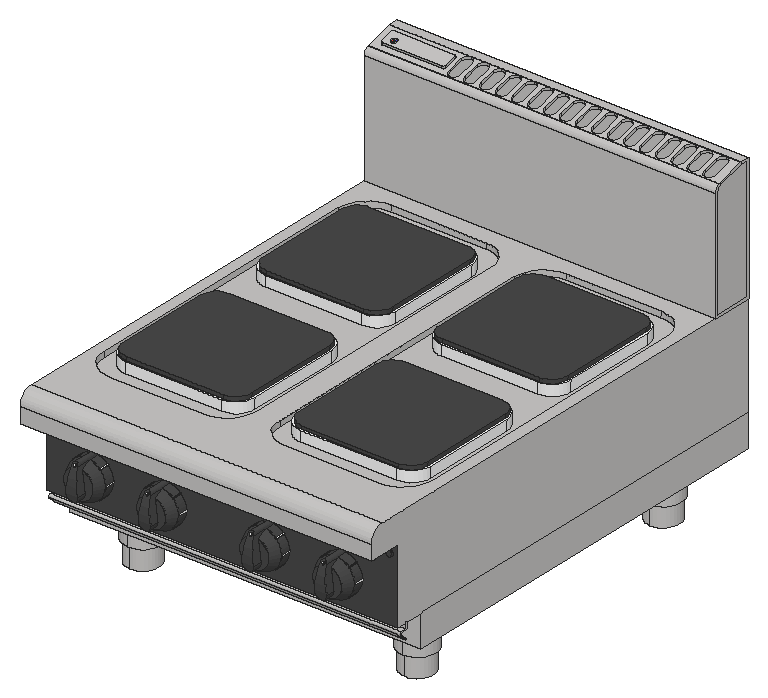
Revit family "QF_Moffat_RNB8400SE-B_Electric_Cooktops_Sealed_Hobs_cat", category Specialty Equipment, Revit 2019 (continued)
Definition of nested family "High and Low Option"
  Automatic sketch dimensions
    Extrusion 3 sketch curve to Extrusion 3 sketch curve = 187.855 mm
    Extrusion 3 sketch curve to Extrusion 3 sketch curve = 20.745 mm
    Extrusion 3 sketch curve to Extrusion 3 sketch curve = 2.306 mm
    Extrusion 3 sketch curve to Extrusion 3 sketch curve = 0.028 mm
    Extrusion 3 sketch curve to Extrusion 3 sketch curve = 0.105 mm
    Extrusion 9 sketch curve to Extrusion 9 sketch curve = 8.8 mm
    Extrusion 9 sketch curve to Extrusion 9 sketch curve = 43 mm
    Extrusion 9 sketch curve to Extrusion 9 sketch curve = 63.6 mm
    Extrusion 9 sketch curve to Extrusion 9 sketch curve = 20.745 mm
    Extrusion 9 sketch curve to Extrusion 9 sketch curve = 187.855 mm
    Extrusion 9 sketch curve to Extrusion 9 sketch curve = 2.306 mm
    Extrusion 9 sketch curve to Extrusion 9 sketch curve = 0.028 mm
    Extrusion 9 sketch curve to Extrusion 9 sketch curve = 0.105 mm
    Extrusion 8 sketch curve to Extrusion 8 sketch curve = 8.8 mm
    Extrusion 8 sketch curve to Extrusion 8 sketch curve = 43 mm
    Extrusion 8 sketch curve to Extrusion 8 sketch curve = 63.6 mm
    Extrusion 8 sketch curve to Extrusion 8 sketch curve = 187.855 mm
    Extrusion 8 sketch curve to Extrusion 8 sketch curve = 20.745 mm
    Extrusion 8 sketch curve to Extrusion 8 sketch curve = 2.306 mm
    Extrusion 8 sketch curve to Extrusion 8 sketch curve = 0.028 mm
    Extrusion 8 sketch curve to Extrusion 8 sketch curve = 0.105 mm
    Extrusion 1 sketch curve to Extrusion 1 sketch curve = 15 mm
    Extrusion 1 sketch curve to Extrusion 1 sketch curve = 55 mm  (x2)
    Extrusion 1 sketch curve to Extrusion 1 sketch curve = 40 mm
    Extrusion 6 sketch curve to Extrusion 6 sketch curve = 15 mm
    Extrusion 6 sketch curve to Extrusion 6 sketch curve = 55 mm  (x2)
    Extrusion 6 sketch curve to Extrusion 6 sketch curve = 40 mm
  Nested families
    nested 1: "QF_LOGO_Waldorf" at (32, -70, 923.25), visible <- "Show Logo 1", type "QF_LOGO_Waldorf"
    nested 2: "QF_LOGO_Waldorf1" at (12.5, -38.053, 1110.468), visible <- "Show Logo 2", type "QF_LOGO_Waldorf1"
    nested 3: "QF_LOGO_Waldorf" at (32, -70, 923.25), visible <- "Show Logo 1", type "QF_LOGO_Waldorf", not visible
    nested 4: "QF_LOGO_Waldorf1" at (12.5, -38.053, 1110.468), visible <- "Show Logo 2", type "QF_LOGO_Waldorf1", not visible
  Definition of nested family "QF_LOGO_Waldorf"
    Parameters (values of type "QF_LOGO_Waldorf")
      Weight in Pounds = 0
      URL Cutsheet = ""
      Specification by User = ""
      Specification by Manufacturer = ""
      Serial Number = ""
      Seismic Rating = ""
      SMACNA No = ""
      Revision Code = ""
      NAFEM Spec ID Number = ""
      Masterspec = ""
      Length = 138 mm
      Item Number = ""
      Installed By = ""
      Identify Quantity as Lot = yes
      Height = 26.711 mm
      Furnished By = ""
      Foodservice Equipment Identifier = yes
      Depth = 3.175 mm
      CSI MasterFormat = ""
    Reference planes
      plane 1 "BACK": y = 0
      plane 2: z = 0
      plane 3 "LEFT": x = 0
      plane 4 "RIGHT": x = 138
      plane 5 "FRONT": y = -3.175
      plane 6 "TOP": z = 26.711
      plane 7 "Center Y": x = 69
      plane 8 "Center X": y = -1.587
    Forms (mm)
      Extrusion 1, solid
        sketch origin (0, 0, 0) x (1, 0, 0) y (0, 0, 1)
          loop
            line (109, 3.464) -> (109, 23.247)
            spline (109, 23.247) -> (108.966, 23.699) -> (108.864, 24.143) -> (108.696, 24.572) -> (108.464, 24.979) -> (108.173, 25.355) -> (107.828, 25.696) -> (107.435, 25.995) -> (107, 26.247) -> (106.531, 26.447) -> (106.035, 26.593) -> (105.522, 26.681) -> (105, 26.711)
            line (105, 26.711) -> (4, 26.711)
            spline (4, 26.711) -> (3.478, 26.681) -> (2.965, 26.593) -> (2.469, 26.447) -> (2, 26.247) -> (1.565, 25.995) -> (1.172, 25.696) -> (0.827, 25.355) -> (0.536, 24.979) -> (0.304, 24.572) -> (0.136, 24.143) -> (0.034, 23.699) -> (0, 23.247)
            line (0, 23.247) -> (0, 3.464)
            spline (0, 3.464) -> (0.034, 3.012) -> (0.136, 2.568) -> (0.304, 2.138) -> (0.536, 1.732) -> (0.827, 1.355) -> (1.172, 1.015) -> (1.565, 0.716) -> (2, 0.464) -> (2.469, 0.264) -> (2.965, 0.118) -> (3.478, 0.03) -> (4, 0)
            line (4, 0) -> (105, 0)
            spline (105, 0) -> (105.522, 0.03) -> (106.035, 0.118) -> (106.531, 0.264) -> (107, 0.464) -> (107.435, 0.716) -> (107.828, 1.015) -> (108.173, 1.355) -> (108.464, 1.732) -> (108.696, 2.138) -> (108.864, 2.568) -> (108.966, 3.012) -> (109, 3.464)
          loop
            line (14.75, 7.005) -> (14.75, 15.654)
            arc (14.75, 15.654) -> (10.425, 11.329) -> (14.75, 7.005) r 4.325
          loop
            line (15.25, 15.654) -> (15.25, 7.005)
            arc (15.25, 7.005) -> (19.575, 11.329) -> (15.25, 15.654) r 4.325
        from 0 to 3.2
      Extrusion 2, solid
        sketch origin (0, 0, 0) x (1, 0, 0) y (0, 0, 1)
          loop
            line (15.25, 15.654) -> (15.25, 7.005)
            arc (15.25, 7.005) -> (19.575, 11.329) -> (15.25, 15.654) r 4.325
        from 0 to 3.2
      Extrusion 3, solid
        sketch origin (16.271, 0, 0) x (-1, 0, 0) y (0, 0, -1)
          loop
            arc (1.521, -15.654) -> (5.846, -11.329) -> (1.521, -7.005) r 4.325
            line (1.521, -7.005) -> (1.521, -15.654)
        from 0 to 3.2
    Lines and regions (mm)
      Split face 1
        outline origin (0, -3.2, 0) x (1, 0, 0) y (0, 0, 1)
          loop
            spline (22.129, 16.975) -> (22.389, 15.984) -> (22.649, 15.002) -> (22.91, 14.028) -> (23.172, 13.065) -> (23.433, 12.11) -> (23.695, 11.166) -> (23.956, 10.232) -> (24.218, 9.308) -> (24.479, 8.396) -> (24.74, 7.495) -> (25, 6.605) -> (25.26, 5.728)
            line (25.26, 5.728) -> (29.463, 5.728)
            spline (29.463, 5.728) -> (29.582, 6.252) -> (29.701, 6.78) -> (29.82, 7.313) -> (29.939, 7.85) -> (30.058, 8.391) -> (30.178, 8.936) -> (30.297, 9.485) -> (30.416, 10.038) -> (30.536, 10.594) -> (30.655, 11.155) -> (30.775, 11.719) -> (30.894, 12.287)
            spline (30.894, 12.287) -> (31.018, 11.719) -> (31.142, 11.155) -> (31.266, 10.594) -> (31.39, 10.038) -> (31.514, 9.485) -> (31.638, 8.936) -> (31.762, 8.391) -> (31.885, 7.85) -> (32.009, 7.313) -> (32.133, 6.78) -> (32.256, 6.252) -> (32.379, 5.728)
            line (32.379, 5.728) -> (36.51, 5.728)
            spline (36.51, 5.728) -> (36.766, 6.605) -> (37.023, 7.495) -> (37.28, 8.396) -> (37.538, 9.308) -> (37.795, 10.232) -> (38.053, 11.166) -> (38.311, 12.11) -> (38.569, 13.065) -> (38.826, 14.028) -> (39.083, 15.002) -> (39.34, 15.984) -> (39.597, 16.975)
            line (39.597, 16.975) -> (35.637, 16.975)
            spline (35.637, 16.975) -> (35.523, 16.334) -> (35.41, 15.697) -> (35.296, 15.063) -> (35.182, 14.433) -> (35.068, 13.807) -> (34.954, 13.185) -> (34.84, 12.566) -> (34.726, 11.952) -> (34.612, 11.342) -> (34.497, 10.737) -> (34.383, 10.135) -> (34.269, 9.538)
            spline (34.269, 9.538) -> (34.138, 10.135) -> (34.008, 10.737) -> (33.877, 11.342) -> (33.746, 11.952) -> (33.616, 12.566) -> (33.485, 13.185) -> (33.354, 13.807) -> (33.224, 14.433) -> (33.093, 15.063) -> (32.963, 15.697) -> (32.833, 16.334) -> (32.703, 16.975)
            line (32.703, 16.975) -> (29.247, 16.975)
            spline (29.247, 16.975) -> (29.111, 16.334) -> (28.974, 15.697) -> (28.837, 15.063) -> (28.7, 14.433) -> (28.562, 13.807) -> (28.425, 13.185) -> (28.288, 12.566) -> (28.15, 11.952) -> (28.013, 11.342) -> (27.875, 10.737) -> (27.738, 10.135) -> (27.6, 9.538)
            spline (27.6, 9.538) -> (27.483, 10.135) -> (27.366, 10.737) -> (27.249, 11.342) -> (27.132, 11.952) -> (27.015, 12.566) -> (26.897, 13.185) -> (26.78, 13.807) -> (26.663, 14.433) -> (26.546, 15.063) -> (26.43, 15.697) -> (26.313, 16.334) -> (26.196, 16.975)
            line (26.196, 16.975) -> (22.129, 16.975)
      Split face 2
        outline origin (0, -3.2, 0) x (1, 0, 0) y (0, 0, 1)
          loop
            line (51.449, 5.728) -> (51.035, 6.606) -> (51.035, 11.169)
            spline (51.035, 11.169) -> (50.686, 12.42) -> (50.176, 13.224) -> (49.51, 13.708) -> (48.693, 13.995) -> (47.747, 14.152) -> (46.698, 14.207) -> (45.579, 14.186) -> (44.419, 14.114) -> (43.279, 13.929) -> (42.249, 13.481) -> (41.424, 12.614) -> (40.897, 11.169)
            line (40.897, 11.169) -> (44.617, 11.169) -> (44.988, 11.965)
            spline (44.988, 11.965) -> (47.294, 11.682) -> (46.856, 10.932) -> (45.527, 10.609) -> (43.858, 10.439) -> (42.259, 10.123) -> (41.078, 9.417) -> (40.563, 8.246) -> (40.689, 6.989) -> (41.407, 6.052) -> (42.774, 5.536) -> (44.847, 5.497) -> (47.306, 6.602)
            line (47.306, 6.602) -> (47.624, 5.728) -> (51.449, 5.728)
      Split face 3
        outline origin (0, -3.2, 0) x (1, 0, 0) y (0, 0, 1)
          loop
            line (47.264, 9.264) -> (44.938, 8.597)
            spline (44.938, 8.597) -> (44.508, 8.228) -> (44.402, 7.9) -> (44.548, 7.626) -> (44.877, 7.42) -> (45.317, 7.295) -> (45.797, 7.265) -> (46.252, 7.342) -> (46.65, 7.525) -> (46.971, 7.813) -> (47.194, 8.201) -> (47.298, 8.685) -> (47.264, 9.264)
      Split face 4
        outline origin (0, -3.2, 0) x (1, 0, 0) y (0, 0, 1)
          loop
            line (53.33, 16.975) -> (53.33, 5.728) -> (57.173, 5.728) -> (57.173, 16.975) -> (53.33, 16.975)
      Split face 5
        outline origin (0, -3.2, 0) x (1, 0, 0) y (0, 0, 1)
          loop
            line (65.795, 16.975) -> (65.795, 12.976)
            spline (65.795, 12.976) -> (63.839, 14.082) -> (62.087, 14.096) -> (60.633, 13.343) -> (59.574, 12.148) -> (58.99, 10.806) -> (58.867, 9.452) -> (59.156, 8.159) -> (59.81, 7) -> (60.786, 6.056) -> (62.111, 5.514) -> (63.868, 5.634) -> (66.137, 6.679)
            line (66.137, 6.679) -> (66.137, 5.728) -> (69.511, 5.728) -> (69.511, 16.975) -> (65.795, 16.975)
      Split face 6
        outline origin (0, -3.2, 0) x (1, 0, 0) y (0, 0, 1)
          loop
            spline (64.273, 7.499) -> (64.754, 7.57) -> (65.202, 7.777) -> (65.587, 8.106) -> (65.882, 8.535) -> (66.067, 9.034) -> (66.131, 9.57) -> (66.067, 10.106) -> (65.882, 10.605) -> (65.587, 11.034) -> (65.202, 11.363) -> (64.754, 11.57) -> (64.273, 11.64)
            spline (64.273, 11.64) -> (63.793, 11.57) -> (63.345, 11.363) -> (62.96, 11.034) -> (62.665, 10.605) -> (62.479, 10.106) -> (62.416, 9.57) -> (62.479, 9.034) -> (62.665, 8.535) -> (62.96, 8.106) -> (63.345, 7.777) -> (63.793, 7.57) -> (64.273, 7.499)
      Split face 7
        outline origin (0, -3.2, 0) x (1, 0, 0) y (0, 0, 1)
          loop
            spline (76.449, 5.305) -> (77.855, 5.457) -> (79.166, 5.901) -> (80.291, 6.607) -> (81.155, 7.527) -> (81.698, 8.599) -> (81.883, 9.749) -> (81.698, 10.899) -> (81.155, 11.97) -> (80.291, 12.891) -> (79.166, 13.597) -> (77.855, 14.041) -> (76.449, 14.192)
            spline (76.449, 14.192) -> (75.042, 14.041) -> (73.731, 13.597) -> (72.606, 12.891) -> (71.742, 11.97) -> (71.199, 10.899) -> (71.014, 9.749) -> (71.199, 8.599) -> (71.742, 7.527) -> (72.606, 6.607) -> (73.731, 5.901) -> (75.042, 5.457) -> (76.449, 5.305)
      Split face 8
        outline origin (0, -3.2, 0) x (1, 0, 0) y (0, 0, 1)
          loop
            spline (76.449, 7.654) -> (76.841, 7.725) -> (77.206, 7.934) -> (77.52, 8.267) -> (77.76, 8.701) -> (77.912, 9.206) -> (77.963, 9.749) -> (77.912, 10.291) -> (77.76, 10.796) -> (77.52, 11.23) -> (77.206, 11.563) -> (76.841, 11.772) -> (76.449, 11.843)
            spline (76.449, 11.843) -> (76.057, 11.772) -> (75.691, 11.563) -> (75.378, 11.23) -> (75.137, 10.796) -> (74.986, 10.291) -> (74.934, 9.749) -> (74.986, 9.206) -> (75.137, 8.701) -> (75.378, 8.267) -> (75.691, 7.934) -> (76.057, 7.725) -> (76.449, 7.654)
      Split face 9
        outline origin (0, -3.2, 0) x (1, 0, 0) y (0, 0, 1)
          loop
            line (86.998, 12.335) -> (86.998, 13.879) -> (83.479, 13.879) -> (83.479, 5.728) -> (87.312, 5.728) -> (87.312, 8.975)
            spline (87.312, 8.975) -> (87.364, 9.356) -> (87.458, 9.686) -> (87.594, 9.968) -> (87.769, 10.204) -> (87.982, 10.398) -> (88.229, 10.55) -> (88.509, 10.666) -> (88.82, 10.746) -> (89.16, 10.794) -> (89.525, 10.812) -> (89.915, 10.803) -> (90.327, 10.77)
            line (90.327, 10.77) -> (90.327, 14.113)
            spline (90.327, 14.113) -> (89.929, 14.127) -> (89.552, 14.111) -> (89.197, 14.066) -> (88.865, 13.991) -> (88.554, 13.887) -> (88.266, 13.754) -> (87.999, 13.591) -> (87.755, 13.399) -> (87.532, 13.177) -> (87.332, 12.926) -> (87.154, 12.645) -> (86.998, 12.335)
      Split face 10
        outline origin (0, -3.2, 0) x (1, 0, 0) y (0, 0, 1)
          loop
            line (92.082, 13.879) -> (90.894, 13.879) -> (90.894, 11.972) -> (92.082, 11.972) -> (92.082, 5.728) -> (95.871, 5.728) -> (95.871, 11.972) -> (97.5, 11.972) -> (97.5, 13.879) -> (95.871, 13.879)
            spline (95.871, 13.879) -> (95.843, 14.088) -> (95.845, 14.278) -> (95.877, 14.447) -> (95.939, 14.596) -> (96.03, 14.726) -> (96.151, 14.835) -> (96.301, 14.925) -> (96.482, 14.995) -> (96.692, 15.045) -> (96.931, 15.075) -> (97.201, 15.085) -> (97.5, 15.076)
            line (97.5, 15.076) -> (97.5, 17.266) -> (95.367, 17.266)
            spline (95.367, 17.266) -> (94.982, 17.253) -> (94.58, 17.21) -> (94.174, 17.132) -> (93.774, 17.013) -> (93.39, 16.846) -> (93.034, 16.627) -> (92.717, 16.349) -> (92.448, 16.007) -> (92.24, 15.595) -> (92.102, 15.106) -> (92.046, 14.537) -> (92.082, 13.879)
    Dimensions and locks
      equal spacing: plane 3 "LEFT", plane 7 "Center Y", plane 4 "RIGHT"
      "Length": plane 3 "LEFT" to plane 4 "RIGHT"
      equal spacing: plane 5 "FRONT", plane 8 "Center X", plane 1 "BACK"
      "Depth": plane 5 "FRONT" to plane 1 "BACK"
      "Height": plane 6 "TOP" to level
      plane 4 "RIGHT" to plane 3 "LEFT" = 138 mm
      aligned and locked: level to plane 2
    Automatic sketch dimensions
      Extrusion 1 sketch curve to plane 3 "LEFT" = 0 mm
      Extrusion 1 sketch curve to plane 6 "TOP" = 0 mm
      Extrusion 1 sketch curve to level = 0 mm
      plane 3 "LEFT" to Extrusion 1 sketch curve = 4 mm  (x2)
      Extrusion 1 sketch curve to Extrusion 1 sketch curve = 10.75 mm
      Extrusion 1 sketch curve to Extrusion 1 sketch curve = 0.5 mm
      plane 4 "RIGHT" to Extrusion 1 sketch curve = 33 mm
      Extrusion 1 sketch curve to Extrusion 1 sketch curve = 0 mm  (x3)
      Extrusion 1 sketch curve to Extrusion 1 sketch curve = 4 mm
      level to Extrusion 1 sketch curve = 3.464 mm  (x2)
      level to Extrusion 1 sketch curve = 7.005 mm
      Extrusion 1 sketch curve to Extrusion 1 sketch curve = 4.325 mm
      Extrusion 1 sketch curve to plane 6 "TOP" = 3.464 mm  (x2)
      Extrusion 2 sketch curve to Extrusion 2 sketch curve = 4.325 mm
      level to Extrusion 2 sketch curve = 7.005 mm
      plane 3 "LEFT" to Extrusion 2 sketch curve = 15.25 mm
      Extrusion 3 sketch curve to Extrusion 3 sketch curve = 4.325 mm
      Extrusion 3 sketch curve to level = 7.005 mm
      Extrusion 3 sketch curve to plane 3 "LEFT" = 14.75 mm
      Extrusion 1 to Split face 1 sketch curve = 6.879 mm
      Split face 1 sketch curve to Extrusion 1 = 5.728 mm
      Split face 1 sketch curve to Split face 1 sketch curve = 3.132 mm
      Split face 1 sketch curve to Split face 1 sketch curve = 4.068 mm
      Split face 1 sketch curve to Split face 1 sketch curve = 3.051 mm
      Split face 1 sketch curve to Split face 1 sketch curve = 4.203 mm
      Split face 1 sketch curve to Split face 1 sketch curve = 2.916 mm
      Split face 1 sketch curve to Split face 1 sketch curve = 3.456 mm
      Split face 1 sketch curve to Split face 1 sketch curve = 2.934 mm
      Split face 1 sketch curve to Split face 1 sketch curve = 4.131 mm
      Split face 1 sketch curve to Split face 1 sketch curve = 3.96 mm
      Split face 1 sketch curve to Split face 1 sketch curve = 0 mm  (x2)
      Split face 1 sketch curve to Extrusion 1 = 9.736 mm  (x2)
      Extrusion 1 to Split face 1 sketch curve = 6.337 mm
      Extrusion 1 to Split face 1 sketch curve = 6.231 mm
      Extrusion 1 to Split face 1 sketch curve = 3.184 mm
      Extrusion 1 to Split face 1 sketch curve = 13.135 mm
      Split face 1 sketch curve to Split face 1 sketch curve = 4.652 mm
      Split face 1 sketch curve to Split face 1 sketch curve = 3.593 mm
      Split face 1 sketch curve to Split face 1 sketch curve = 1.863 mm
      Split face 1 sketch curve to Split face 1 sketch curve = 0.713 mm
      Split face 1 sketch curve to Split face 1 sketch curve = 2.684 mm
      Split face 1 sketch curve to Split face 1 sketch curve = 3.294 mm
      Split face 1 sketch curve to Split face 1 sketch curve = 0.459 mm
      Split face 1 sketch curve to Split face 1 sketch curve = 2.775 mm
      Split face 1 sketch curve to Split face 1 sketch curve = 1.89 mm
      Split face 1 sketch curve to Split face 1 sketch curve = 0.685 mm
      Split face 1 sketch curve to Split face 1 sketch curve = 9.486 mm
      Split face 1 sketch curve to Split face 1 sketch curve = 16.213 mm
      Split face 1 sketch curve to Split face 1 sketch curve = 3.48 mm
      Split face 1 sketch curve to Split face 1 sketch curve = 4.918 mm
      Split face 1 sketch curve to Split face 1 sketch curve = 7.609 mm
      Split face 1 sketch curve to Split face 1 sketch curve = 0.01 mm  (x2)
      Split face 1 sketch curve to Split face 1 sketch curve = 0.002 mm
      Split face 2 sketch curve to Extrusion 1 = 11.169 mm
      Extrusion 1 to Split face 2 sketch curve = 25.647 mm
      Split face 2 sketch curve to Split face 2 sketch curve = 3.72 mm
      Split face 2 sketch curve to Extrusion 1 = 11.965 mm
      Split face 2 sketch curve to Split face 2 sketch curve = 0.371 mm
      Split face 2 sketch curve to Extrusion 1 = 6.602 mm
      Split face 2 sketch curve to Split face 2 sketch curve = 2.689 mm
      Split face 2 sketch curve to Split face 2 sketch curve = 0.318 mm
      Split face 2 sketch curve to Split face 2 sketch curve = 3.729 mm
      Split face 2 sketch curve to Split face 2 sketch curve = 0.414 mm
      Split face 2 sketch curve to Split face 2 sketch curve = 0.875 mm
      Split face 2 sketch curve to Split face 2 sketch curve = 0.878 mm
      Split face 3 sketch curve to Extrusion 1 = 8.597 mm
      Extrusion 1 to Split face 3 sketch curve = 29.688 mm
      Split face 3 sketch curve to Extrusion 1 = 9.264 mm
      Split face 3 sketch curve to Split face 3 sketch curve = 2.326 mm
      Split face 4 sketch curve to Extrusion 1 = 5.728 mm
      Extrusion 1 to Split face 4 sketch curve = 38.08 mm
      Split face 4 sketch curve to Split face 4 sketch curve = 3.843 mm
      Split face 4 sketch curve to Extrusion 1 = 9.736 mm
      Split face 5 sketch curve to Extrusion 1 = 12.976 mm
      Split face 5 sketch curve to Extrusion 1 = 43.205 mm
      Split face 5 sketch curve to Extrusion 1 = 6.679 mm
      Split face 5 sketch curve to Split face 5 sketch curve = 0.342 mm
      Split face 5 sketch curve to Split face 5 sketch curve = 3.375 mm
      Split face 5 sketch curve to Split face 5 sketch curve = 0.952 mm
      Split face 5 sketch curve to Split face 5 sketch curve = 3.998 mm
      Split face 6 sketch curve to Extrusion 1 = 7.499 mm
      Split face 6 sketch curve to Extrusion 1 = 44.727 mm
      Split face 6 sketch curve to Split face 6 sketch curve = 2.07 mm
      Split face 7 sketch curve to Extrusion 1 = 5.305 mm
      Split face 7 sketch curve to Extrusion 1 = 32.551 mm
      Split face 7 sketch curve to Split face 7 sketch curve = 4.443 mm
      Split face 8 sketch curve to Split face 8 sketch curve = 2.095 mm
      Split face 8 sketch curve to Extrusion 1 = 7.654 mm
      Split face 8 sketch curve to Extrusion 1 = 32.551 mm
      Split face 9 sketch curve to Extrusion 1 = 5.728 mm
      Split face 9 sketch curve to Extrusion 1 = 25.521 mm
      Split face 9 sketch curve to Split face 9 sketch curve = 3.519 mm
      Split face 9 sketch curve to Split face 9 sketch curve = 0.315 mm
      Split face 9 sketch curve to Split face 9 sketch curve = 3.33 mm
      Split face 9 sketch curve to Split face 9 sketch curve = 3.248 mm
      Split face 9 sketch curve to Split face 9 sketch curve = 1.795 mm
      Split face 9 sketch curve to Split face 9 sketch curve = 3.36 mm
      Split face 9 sketch curve to Split face 9 sketch curve = 1.545 mm
      Split face 9 sketch curve to Split face 9 sketch curve = 0.233 mm
      Split face 10 sketch curve to Extrusion 1 = 18.106 mm
      Split face 10 sketch curve to Split face 10 sketch curve = 1.188 mm  (x2)
      Split face 10 sketch curve to Split face 10 sketch curve = 3.285 mm
      Split face 10 sketch curve to Split face 10 sketch curve = 3.789 mm
      Split face 10 sketch curve to Split face 10 sketch curve = 0 mm  (x2)
      Split face 10 sketch curve to Split face 10 sketch curve = 1.629 mm
      Split face 10 sketch curve to Split face 10 sketch curve = 2.133 mm
      Split face 10 sketch curve to Extrusion 1 = 5.728 mm
      Split face 10 sketch curve to Split face 10 sketch curve = 6.245 mm
      Split face 10 sketch curve to Split face 10 sketch curve = 1.907 mm  (x2)
      Split face 10 sketch curve to Split face 10 sketch curve = 1.197 mm
      Split face 10 sketch curve to Split face 10 sketch curve = 2.19 mm
  Definition of nested family "QF_LOGO_Waldorf1"
    Parameters (values of type "QF_LOGO_Waldorf1")
      Weight in Pounds = 0
      URL Cutsheet = ""
      Specification by User = ""
      Specification by Manufacturer = ""
      Serial Number = ""
      Seismic Rating = ""
      SMACNA No = ""
      Revision Code = ""
      NAFEM Spec ID Number = ""
      Masterspec = ""
      Length = 138 mm
      Item Number = ""
      Installed By = ""
      Identify Quantity as Lot = yes
      Height = 26.711 mm
      Furnished By = ""
      Foodservice Equipment Identifier = yes
      Depth = 3.175 mm
      CSI MasterFormat = ""
    Reference planes
      plane 1 "BACK": y = 0
      plane 2: z = 0
      plane 3 "LEFT": x = 0
      plane 4 "RIGHT": x = 138
      plane 5 "FRONT": y = -3.175
      plane 6 "TOP": z = 26.711
      plane 7 "Center Y": x = 69
      plane 8 "Center X": y = -1.587
    Forms (mm)
      Extrusion 1, solid
        sketch origin (0, -12.9, 9.899) x (1, 0, 0) y (0, 0.965926, 0.258819)
          loop
            line (109, 3.464) -> (109, 23.247)
            spline (109, 23.247) -> (108.966, 23.699) -> (108.864, 24.143) -> (108.696, 24.572) -> (108.464, 24.979) -> (108.173, 25.355) -> (107.828, 25.696) -> (107.435, 25.995) -> (107, 26.247) -> (106.531, 26.447) -> (106.035, 26.593) -> (105.522, 26.681) -> (105, 26.711)
            line (105, 26.711) -> (4, 26.711)
            spline (4, 26.711) -> (3.478, 26.681) -> (2.965, 26.593) -> (2.469, 26.447) -> (2, 26.247) -> (1.565, 25.995) -> (1.172, 25.696) -> (0.827, 25.355) -> (0.536, 24.979) -> (0.304, 24.572) -> (0.136, 24.143) -> (0.034, 23.699) -> (0, 23.247)
            line (0, 23.247) -> (0, 3.464)
            spline (0, 3.464) -> (0.034, 3.012) -> (0.136, 2.568) -> (0.304, 2.138) -> (0.536, 1.732) -> (0.827, 1.355) -> (1.172, 1.015) -> (1.565, 0.716) -> (2, 0.464) -> (2.469, 0.264) -> (2.965, 0.118) -> (3.478, 0.03) -> (4, 0)
            line (4, 0) -> (105, 0)
            spline (105, 0) -> (105.522, 0.03) -> (106.035, 0.118) -> (106.531, 0.264) -> (107, 0.464) -> (107.435, 0.716) -> (107.828, 1.015) -> (108.173, 1.355) -> (108.464, 1.732) -> (108.696, 2.138) -> (108.864, 2.568) -> (108.966, 3.012) -> (109, 3.464)
          loop
            line (14.75, 7.005) -> (14.75, 15.654)
            arc (14.75, 15.654) -> (10.425, 11.329) -> (14.75, 7.005) r 4.325
          loop
            line (15.25, 15.654) -> (15.25, 7.005)
            arc (15.25, 7.005) -> (19.575, 11.329) -> (15.25, 15.654) r 4.325
        from 0 to 3.2
      Extrusion 2, solid
        sketch origin (0, -12.9, 9.899) x (1, 0, 0) y (0, 0.965926, 0.258819)
          loop
            line (15.25, 15.654) -> (15.25, 7.005)
            arc (15.25, 7.005) -> (19.575, 11.329) -> (15.25, 15.654) r 4.325
        from 0 to 3.2
      Extrusion 3, solid
        sketch origin (16.271, -12.9, 9.899) x (-1, 0, 0) y (0, -0.965926, -0.258819)
          loop
            arc (1.521, -15.654) -> (5.846, -11.329) -> (1.521, -7.005) r 4.325
            line (1.521, -7.005) -> (1.521, -15.654)
        from 0 to 3.2
    Lines and regions (mm)
      Split face 1
        outline origin (0, -13.729, 12.99) x (1, 0, 0) y (0, 0.965926, 0.258819)
          loop
            spline (22.129, 16.975) -> (22.389, 15.984) -> (22.649, 15.002) -> (22.91, 14.028) -> (23.172, 13.065) -> (23.433, 12.11) -> (23.695, 11.166) -> (23.956, 10.232) -> (24.218, 9.308) -> (24.479, 8.396) -> (24.74, 7.495) -> (25, 6.605) -> (25.26, 5.728)
            line (25.26, 5.728) -> (29.463, 5.728)
            spline (29.463, 5.728) -> (29.582, 6.252) -> (29.701, 6.78) -> (29.82, 7.313) -> (29.939, 7.85) -> (30.058, 8.391) -> (30.178, 8.936) -> (30.297, 9.485) -> (30.416, 10.038) -> (30.536, 10.594) -> (30.655, 11.155) -> (30.775, 11.719) -> (30.894, 12.287)
            spline (30.894, 12.287) -> (31.018, 11.719) -> (31.142, 11.155) -> (31.266, 10.594) -> (31.39, 10.038) -> (31.514, 9.485) -> (31.638, 8.936) -> (31.762, 8.391) -> (31.885, 7.85) -> (32.009, 7.313) -> (32.133, 6.78) -> (32.256, 6.252) -> (32.379, 5.728)
            line (32.379, 5.728) -> (36.51, 5.728)
            spline (36.51, 5.728) -> (36.766, 6.605) -> (37.023, 7.495) -> (37.28, 8.396) -> (37.538, 9.308) -> (37.795, 10.232) -> (38.053, 11.166) -> (38.311, 12.11) -> (38.569, 13.065) -> (38.826, 14.028) -> (39.083, 15.002) -> (39.34, 15.984) -> (39.597, 16.975)
            line (39.597, 16.975) -> (35.637, 16.975)
            spline (35.637, 16.975) -> (35.523, 16.334) -> (35.41, 15.697) -> (35.296, 15.063) -> (35.182, 14.433) -> (35.068, 13.807) -> (34.954, 13.185) -> (34.84, 12.566) -> (34.726, 11.952) -> (34.612, 11.342) -> (34.497, 10.737) -> (34.383, 10.135) -> (34.269, 9.538)
            spline (34.269, 9.538) -> (34.138, 10.135) -> (34.008, 10.737) -> (33.877, 11.342) -> (33.746, 11.952) -> (33.616, 12.566) -> (33.485, 13.185) -> (33.354, 13.807) -> (33.224, 14.433) -> (33.093, 15.063) -> (32.963, 15.697) -> (32.833, 16.334) -> (32.703, 16.975)
            line (32.703, 16.975) -> (29.247, 16.975)
            spline (29.247, 16.975) -> (29.111, 16.334) -> (28.974, 15.697) -> (28.837, 15.063) -> (28.7, 14.433) -> (28.562, 13.807) -> (28.425, 13.185) -> (28.288, 12.566) -> (28.15, 11.952) -> (28.013, 11.342) -> (27.875, 10.737) -> (27.738, 10.135) -> (27.6, 9.538)
            spline (27.6, 9.538) -> (27.483, 10.135) -> (27.366, 10.737) -> (27.249, 11.342) -> (27.132, 11.952) -> (27.015, 12.566) -> (26.897, 13.185) -> (26.78, 13.807) -> (26.663, 14.433) -> (26.546, 15.063) -> (26.43, 15.697) -> (26.313, 16.334) -> (26.196, 16.975)
            line (26.196, 16.975) -> (22.129, 16.975)
      Split face 2
        outline origin (0, -13.729, 12.99) x (1, 0, 0) y (0, 0.965926, 0.258819)
          loop
            line (51.449, 5.728) -> (51.035, 6.606) -> (51.035, 11.169)
            spline (51.035, 11.169) -> (50.686, 12.42) -> (50.176, 13.224) -> (49.51, 13.708) -> (48.693, 13.995) -> (47.747, 14.152) -> (46.698, 14.207) -> (45.579, 14.186) -> (44.419, 14.114) -> (43.279, 13.929) -> (42.249, 13.481) -> (41.424, 12.614) -> (40.897, 11.169)
            line (40.897, 11.169) -> (44.617, 11.169) -> (44.988, 11.965)
            spline (44.988, 11.965) -> (47.294, 11.682) -> (46.856, 10.932) -> (45.527, 10.609) -> (43.858, 10.439) -> (42.259, 10.123) -> (41.078, 9.417) -> (40.563, 8.246) -> (40.689, 6.989) -> (41.407, 6.052) -> (42.774, 5.536) -> (44.847, 5.497) -> (47.306, 6.602)
            line (47.306, 6.602) -> (47.624, 5.728) -> (51.449, 5.728)
      Split face 3
        outline origin (0, -13.729, 12.99) x (1, 0, 0) y (0, 0.965926, 0.258819)
          loop
            line (47.264, 9.264) -> (44.938, 8.597)
            spline (44.938, 8.597) -> (44.508, 8.228) -> (44.402, 7.9) -> (44.548, 7.626) -> (44.877, 7.42) -> (45.317, 7.295) -> (45.797, 7.265) -> (46.252, 7.342) -> (46.65, 7.525) -> (46.971, 7.813) -> (47.194, 8.201) -> (47.298, 8.685) -> (47.264, 9.264)
      Split face 4
        outline origin (0, -13.729, 12.99) x (1, 0, 0) y (0, 0.965926, 0.258819)
          loop
            line (53.33, 16.975) -> (53.33, 5.728) -> (57.173, 5.728) -> (57.173, 16.975) -> (53.33, 16.975)
      Split face 5
        outline origin (0, -13.729, 12.99) x (1, 0, 0) y (0, 0.965926, 0.258819)
          loop
            line (65.795, 16.975) -> (65.795, 12.976)
            spline (65.795, 12.976) -> (63.839, 14.082) -> (62.087, 14.096) -> (60.633, 13.343) -> (59.574, 12.148) -> (58.99, 10.806) -> (58.867, 9.452) -> (59.156, 8.159) -> (59.81, 7) -> (60.786, 6.056) -> (62.111, 5.514) -> (63.868, 5.634) -> (66.137, 6.679)
            line (66.137, 6.679) -> (66.137, 5.728) -> (69.511, 5.728) -> (69.511, 16.975) -> (65.795, 16.975)
      Split face 6
        outline origin (0, -13.729, 12.99) x (1, 0, 0) y (0, 0.965926, 0.258819)
          loop
            spline (64.273, 7.499) -> (64.754, 7.57) -> (65.202, 7.777) -> (65.587, 8.106) -> (65.882, 8.535) -> (66.067, 9.034) -> (66.131, 9.57) -> (66.067, 10.106) -> (65.882, 10.605) -> (65.587, 11.034) -> (65.202, 11.363) -> (64.754, 11.57) -> (64.273, 11.64)
            spline (64.273, 11.64) -> (63.793, 11.57) -> (63.345, 11.363) -> (62.96, 11.034) -> (62.665, 10.605) -> (62.479, 10.106) -> (62.416, 9.57) -> (62.479, 9.034) -> (62.665, 8.535) -> (62.96, 8.106) -> (63.345, 7.777) -> (63.793, 7.57) -> (64.273, 7.499)
      Split face 7
        outline origin (0, -13.729, 12.99) x (1, 0, 0) y (0, 0.965926, 0.258819)
          loop
            spline (76.449, 5.305) -> (77.855, 5.457) -> (79.166, 5.901) -> (80.291, 6.607) -> (81.155, 7.527) -> (81.698, 8.599) -> (81.883, 9.749) -> (81.698, 10.899) -> (81.155, 11.97) -> (80.291, 12.891) -> (79.166, 13.597) -> (77.855, 14.041) -> (76.449, 14.192)
            spline (76.449, 14.192) -> (75.042, 14.041) -> (73.731, 13.597) -> (72.606, 12.891) -> (71.742, 11.97) -> (71.199, 10.899) -> (71.014, 9.749) -> (71.199, 8.599) -> (71.742, 7.527) -> (72.606, 6.607) -> (73.731, 5.901) -> (75.042, 5.457) -> (76.449, 5.305)
      Split face 8
        outline origin (0, -13.729, 12.99) x (1, 0, 0) y (0, 0.965926, 0.258819)
          loop
            spline (76.449, 7.654) -> (76.841, 7.725) -> (77.206, 7.934) -> (77.52, 8.267) -> (77.76, 8.701) -> (77.912, 9.206) -> (77.963, 9.749) -> (77.912, 10.291) -> (77.76, 10.796) -> (77.52, 11.23) -> (77.206, 11.563) -> (76.841, 11.772) -> (76.449, 11.843)
            spline (76.449, 11.843) -> (76.057, 11.772) -> (75.691, 11.563) -> (75.378, 11.23) -> (75.137, 10.796) -> (74.986, 10.291) -> (74.934, 9.749) -> (74.986, 9.206) -> (75.137, 8.701) -> (75.378, 8.267) -> (75.691, 7.934) -> (76.057, 7.725) -> (76.449, 7.654)
      Split face 9
        outline origin (0, -13.729, 12.99) x (1, 0, 0) y (0, 0.965926, 0.258819)
          loop
            line (86.998, 12.335) -> (86.998, 13.879) -> (83.479, 13.879) -> (83.479, 5.728) -> (87.312, 5.728) -> (87.312, 8.975)
            spline (87.312, 8.975) -> (87.364, 9.356) -> (87.458, 9.686) -> (87.594, 9.968) -> (87.769, 10.204) -> (87.982, 10.398) -> (88.229, 10.55) -> (88.509, 10.666) -> (88.82, 10.746) -> (89.16, 10.794) -> (89.525, 10.812) -> (89.915, 10.803) -> (90.327, 10.77)
            line (90.327, 10.77) -> (90.327, 14.113)
            spline (90.327, 14.113) -> (89.929, 14.127) -> (89.552, 14.111) -> (89.197, 14.066) -> (88.865, 13.991) -> (88.554, 13.887) -> (88.266, 13.754) -> (87.999, 13.591) -> (87.755, 13.399) -> (87.532, 13.177) -> (87.332, 12.926) -> (87.154, 12.645) -> (86.998, 12.335)
      Split face 10
        outline origin (0, -13.729, 12.99) x (1, 0, 0) y (0, 0.965926, 0.258819)
          loop
            line (92.082, 13.879) -> (90.894, 13.879) -> (90.894, 11.972) -> (92.082, 11.972) -> (92.082, 5.728) -> (95.871, 5.728) -> (95.871, 11.972) -> (97.5, 11.972) -> (97.5, 13.879) -> (95.871, 13.879)
            spline (95.871, 13.879) -> (95.843, 14.088) -> (95.845, 14.278) -> (95.877, 14.447) -> (95.939, 14.596) -> (96.03, 14.726) -> (96.151, 14.835) -> (96.301, 14.925) -> (96.482, 14.995) -> (96.692, 15.045) -> (96.931, 15.075) -> (97.201, 15.085) -> (97.5, 15.076)
            line (97.5, 15.076) -> (97.5, 17.266) -> (95.367, 17.266)
            spline (95.367, 17.266) -> (94.982, 17.253) -> (94.58, 17.21) -> (94.174, 17.132) -> (93.774, 17.013) -> (93.39, 16.846) -> (93.034, 16.627) -> (92.717, 16.349) -> (92.448, 16.007) -> (92.24, 15.595) -> (92.102, 15.106) -> (92.046, 14.537) -> (92.082, 13.879)
    Dimensions and locks
      equal spacing: plane 3 "LEFT", plane 7 "Center Y", plane 4 "RIGHT"
      "Length": plane 3 "LEFT" to plane 4 "RIGHT"
      equal spacing: plane 5 "FRONT", plane 8 "Center X", plane 1 "BACK"
      "Depth": plane 5 "FRONT" to plane 1 "BACK"
      "Height": plane 6 "TOP" to level
      plane 4 "RIGHT" to plane 3 "LEFT" = 138 mm
      aligned and locked: level to plane 2
    Automatic sketch dimensions
      Extrusion 1 sketch curve to plane 3 "LEFT" = 0 mm
      plane 3 "LEFT" to Extrusion 1 sketch curve = 4 mm  (x2)
      Extrusion 1 sketch curve to Extrusion 1 sketch curve = 10.75 mm
      Extrusion 1 sketch curve to Extrusion 1 sketch curve = 0.5 mm
      plane 4 "RIGHT" to Extrusion 1 sketch curve = 33 mm
      Extrusion 1 sketch curve to Extrusion 1 sketch curve = 0 mm  (x3)
      Extrusion 1 sketch curve to Extrusion 1 sketch curve = 4 mm
      Extrusion 1 sketch curve to Extrusion 1 sketch curve = 3.464 mm  (x3)
      Extrusion 1 sketch curve to Extrusion 1 sketch curve = 3.541 mm
      Extrusion 1 sketch curve to Extrusion 1 sketch curve = 4.325 mm
      Extrusion 1 sketch curve to Extrusion 1 sketch curve = 19.783 mm
      Extrusion 1 sketch curve to Extrusion 1 sketch curve = 7.592 mm
      plane 3 "LEFT" to Extrusion 2 sketch curve = 15.25 mm
      Extrusion 2 sketch curve to Extrusion 2 sketch curve = 4.325 mm
      plane 3 "LEFT" to Extrusion 3 sketch curve = 14.75 mm
      Extrusion 3 sketch curve to Extrusion 3 sketch curve = 4.325 mm
      Extrusion 1 to Split face 1 sketch curve = 6.879 mm
      Split face 1 sketch curve to Extrusion 1 = 5.728 mm
      Split face 1 sketch curve to Split face 1 sketch curve = 3.132 mm
      Split face 1 sketch curve to Split face 1 sketch curve = 4.068 mm
      Split face 1 sketch curve to Split face 1 sketch curve = 3.051 mm
      Split face 1 sketch curve to Split face 1 sketch curve = 4.203 mm
      Split face 1 sketch curve to Split face 1 sketch curve = 2.916 mm
      Split face 1 sketch curve to Split face 1 sketch curve = 3.456 mm
      Split face 1 sketch curve to Split face 1 sketch curve = 2.934 mm
      Split face 1 sketch curve to Split face 1 sketch curve = 4.131 mm
      Split face 1 sketch curve to Split face 1 sketch curve = 3.96 mm
      Split face 1 sketch curve to Split face 1 sketch curve = 0 mm  (x2)
      Split face 1 sketch curve to Extrusion 1 = 9.736 mm  (x2)
      Extrusion 1 to Split face 1 sketch curve = 6.337 mm
      Extrusion 1 to Split face 1 sketch curve = 6.231 mm
      Extrusion 1 to Split face 1 sketch curve = 3.184 mm
      Extrusion 1 to Split face 1 sketch curve = 13.135 mm
      Split face 1 sketch curve to Split face 1 sketch curve = 4.652 mm
      Split face 1 sketch curve to Split face 1 sketch curve = 3.593 mm
      Split face 1 sketch curve to Split face 1 sketch curve = 1.863 mm
      Split face 1 sketch curve to Split face 1 sketch curve = 0.713 mm
      Split face 1 sketch curve to Split face 1 sketch curve = 2.684 mm
      Split face 1 sketch curve to Split face 1 sketch curve = 3.294 mm
      Split face 1 sketch curve to Split face 1 sketch curve = 0.459 mm
      Split face 1 sketch curve to Split face 1 sketch curve = 2.775 mm
      Split face 1 sketch curve to Split face 1 sketch curve = 1.89 mm
      Split face 1 sketch curve to Split face 1 sketch curve = 0.685 mm
      Split face 1 sketch curve to Split face 1 sketch curve = 9.486 mm
      Split face 1 sketch curve to Split face 1 sketch curve = 16.213 mm
      Split face 1 sketch curve to Split face 1 sketch curve = 3.48 mm
      Split face 1 sketch curve to Split face 1 sketch curve = 4.918 mm
      Split face 1 sketch curve to Split face 1 sketch curve = 7.609 mm
      Split face 1 sketch curve to Split face 1 sketch curve = 0.01 mm  (x2)
      Split face 1 sketch curve to Split face 1 sketch curve = 0.002 mm
      Split face 2 sketch curve to Extrusion 1 = 11.169 mm
      Extrusion 1 to Split face 2 sketch curve = 25.647 mm
      Split face 2 sketch curve to Split face 2 sketch curve = 3.72 mm
      Split face 2 sketch curve to Extrusion 1 = 11.965 mm
      Split face 2 sketch curve to Split face 2 sketch curve = 0.371 mm
      Split face 2 sketch curve to Extrusion 1 = 6.602 mm
      Split face 2 sketch curve to Split face 2 sketch curve = 2.689 mm
      Split face 2 sketch curve to Split face 2 sketch curve = 0.318 mm
      Split face 2 sketch curve to Split face 2 sketch curve = 3.729 mm
      Split face 2 sketch curve to Split face 2 sketch curve = 0.414 mm
      Split face 2 sketch curve to Split face 2 sketch curve = 0.875 mm
      Split face 2 sketch curve to Split face 2 sketch curve = 0.878 mm
      Split face 3 sketch curve to Extrusion 1 = 8.597 mm
      Extrusion 1 to Split face 3 sketch curve = 29.688 mm
      Split face 3 sketch curve to Extrusion 1 = 9.264 mm
      Split face 3 sketch curve to Split face 3 sketch curve = 2.326 mm
      Split face 4 sketch curve to Extrusion 1 = 5.728 mm
      Extrusion 1 to Split face 4 sketch curve = 38.08 mm
      Split face 4 sketch curve to Split face 4 sketch curve = 3.843 mm
      Split face 4 sketch curve to Extrusion 1 = 9.736 mm
      Split face 5 sketch curve to Extrusion 1 = 9.736 mm
      Split face 5 sketch curve to Extrusion 1 = 43.205 mm
      Split face 5 sketch curve to Extrusion 1 = 6.679 mm
      Split face 5 sketch curve to Split face 5 sketch curve = 0.342 mm
      Split face 5 sketch curve to Split face 5 sketch curve = 3.375 mm
      Split face 5 sketch curve to Split face 5 sketch curve = 0.952 mm
      Split face 5 sketch curve to Split face 5 sketch curve = 3.998 mm
      Split face 6 sketch curve to Extrusion 1 = 7.499 mm
      Split face 6 sketch curve to Extrusion 1 = 44.727 mm
      Split face 6 sketch curve to Split face 6 sketch curve = 2.07 mm
      Split face 7 sketch curve to Extrusion 1 = 5.305 mm
      Split face 7 sketch curve to Extrusion 1 = 32.551 mm
      Split face 7 sketch curve to Split face 7 sketch curve = 4.443 mm
      Split face 8 sketch curve to Extrusion 1 = 7.654 mm
      Split face 8 sketch curve to Extrusion 1 = 32.551 mm
      Split face 8 sketch curve to Split face 8 sketch curve = 2.095 mm
      Split face 9 sketch curve to Extrusion 1 = 5.728 mm
      Split face 9 sketch curve to Extrusion 1 = 25.521 mm
      Split face 9 sketch curve to Split face 9 sketch curve = 3.519 mm
      Split face 9 sketch curve to Split face 9 sketch curve = 0.315 mm
      Split face 9 sketch curve to Split face 9 sketch curve = 3.33 mm
      Split face 9 sketch curve to Split face 9 sketch curve = 3.248 mm
      Split face 9 sketch curve to Split face 9 sketch curve = 1.795 mm
      Split face 9 sketch curve to Split face 9 sketch curve = 3.36 mm
      Split face 9 sketch curve to Split face 9 sketch curve = 1.545 mm
      Split face 9 sketch curve to Split face 9 sketch curve = 0.233 mm
      Split face 10 sketch curve to Extrusion 1 = 18.106 mm
      Split face 10 sketch curve to Split face 10 sketch curve = 1.188 mm  (x2)
      Split face 10 sketch curve to Split face 10 sketch curve = 3.285 mm
      Split face 10 sketch curve to Split face 10 sketch curve = 3.789 mm
      Split face 10 sketch curve to Split face 10 sketch curve = 0 mm  (x2)
      Split face 10 sketch curve to Split face 10 sketch curve = 1.629 mm
      Split face 10 sketch curve to Split face 10 sketch curve = 2.133 mm
      Split face 10 sketch curve to Extrusion 1 = 5.728 mm
      Split face 10 sketch curve to Split face 10 sketch curve = 6.245 mm
      Split face 10 sketch curve to Split face 10 sketch curve = 1.907 mm  (x2)
      Split face 10 sketch curve to Split face 10 sketch curve = 1.197 mm
      Split face 10 sketch curve to Split face 10 sketch curve = 2.19 mm
Definition of nested family "RN8400SE-B"
  Parameters (values of type "E514S-B")
    Weight in Kilograms = 110
    URL Cutsheet = ""
    Specification by User = ""
    Specification by Manufacturer = ""
    Serial Number = ""
    Seismic Rating = ""
    SMACNA No = ""
    Revision Code = ""
    NAFEM Spec ID Number = ""
    Model = "RN8400SE-B"
    Masterspec = ""
    Manufacturer = "Moffat"
    Length = 600 mm
    Item Number = ""
    Installed By = ""
    Identify Quantity as Lot = yes
    Height = 315 mm
    Furnished By = ""
    Foodservice Equipment Identifier = yes
    Description = "Electric Cooktops Sealed Hobs"
    Depth = 805 mm
    CSI MasterFormat = ""
  Reference planes
    plane 1 "BACK": y = 0
    plane 2: z = 0
    plane 3 "LEFT": x = 0
    plane 4 "RIGHT": x = 600
    plane 5 "FRONT": y = -805
    plane 6 "TOP": z = 315
    plane 7 "Center Y": x = 300
    plane 8 "Center X": y = -402.5
    plane 9: x = 65.5
    plane 10: x = 87.5
    plane 11: x = 211.766
    plane 12: y = -30
    plane 13: x = 470
    plane 14: x = 512.5
    plane 15: x = 388.234
    plane 16: x = 534.5
  Forms (mm)
    Extrusion 1, solid
      sketch origin (0, 0, 0) x (0, 1, 0) y (0, 0, 1)
        loop
          line (0, 140) -> (0, 315) -> (-781, 315)
          arc (-781, 315) -> (-797.971, 307.971) -> (-805, 291) r 24
          line (-805, 291) -> (-805, 266) -> (-749, 266) -> (-749, 140) -> (0, 140)
      from 0 to 600
    Extrusion 2, void
      sketch origin (0, -773.8, 315) x (0, 1, 0) y (-1, 0, 0)
        loop
          arc (673.6, -69) -> (658.955, -33.645) -> (623.6, -19) r 50
          line (623.6, -19) -> (123.399, -19)
          arc (123.399, -19) -> (88.044, -33.645) -> (73.399, -69) r 50
          line (73.399, -69) -> (73.399, -231)
          arc (73.399, -231) -> (88.044, -266.355) -> (123.399, -281) r 50
          line (123.399, -281) -> (623.6, -281)
          arc (623.6, -281) -> (658.955, -266.355) -> (673.6, -231) r 50
          line (673.6, -231) -> (673.6, -69)
        loop
          line (673.6, -531) -> (673.6, -369)
          arc (673.6, -369) -> (658.955, -333.645) -> (623.6, -319) r 50
          line (623.6, -319) -> (123.399, -319)
          arc (123.399, -319) -> (88.044, -333.645) -> (73.399, -369) r 50
          line (73.399, -369) -> (73.399, -531)
          arc (73.399, -531) -> (88.044, -566.355) -> (123.399, -581) r 50
          line (123.399, -581) -> (623.6, -581)
          arc (623.6, -581) -> (658.955, -566.355) -> (673.6, -531) r 50
      from 0 to -9.5
    Extrusion 3, solid
      sketch origin (0, -773.8, 305.5) x (0, 1, 0) y (-1, 0, 0)
        loop
          arc (635.218, -68) -> (625.846, -45.373) -> (603.218, -36) r 32
          line (603.218, -36) -> (440.356, -36)
          arc (440.356, -36) -> (417.729, -45.373) -> (408.356, -68) r 32
          line (408.356, -68) -> (408.356, -232)
          arc (408.356, -232) -> (417.729, -254.627) -> (440.356, -264) r 32
          line (440.356, -264) -> (603.218, -264)
          arc (603.218, -264) -> (625.846, -254.627) -> (635.218, -232) r 32
          line (635.218, -232) -> (635.218, -68)
        loop
          arc (335.256, -68) -> (325.884, -45.373) -> (303.256, -36) r 32
          line (303.256, -36) -> (140.282, -36)
          arc (140.282, -36) -> (117.655, -45.373) -> (108.282, -68) r 32
          line (108.282, -68) -> (108.282, -232)
          arc (108.282, -232) -> (117.655, -254.627) -> (140.282, -264) r 32
          line (140.282, -264) -> (303.256, -264)
          arc (303.256, -264) -> (325.884, -254.627) -> (335.256, -232) r 32
          line (335.256, -232) -> (335.256, -68)
        loop
          arc (635.218, -368) -> (625.846, -345.373) -> (603.218, -336) r 32
          line (603.218, -336) -> (440.356, -336)
          arc (440.356, -336) -> (417.728, -345.373) -> (408.356, -368) r 32
          line (408.356, -368) -> (408.356, -532)
          arc (408.356, -532) -> (417.728, -554.627) -> (440.356, -564) r 32
          line (440.356, -564) -> (603.218, -564)
          arc (603.218, -564) -> (625.846, -554.627) -> (635.218, -532) r 32
          line (635.218, -532) -> (635.218, -368)
        loop
          arc (335.258, -368) -> (325.885, -345.373) -> (303.258, -336) r 32
          line (303.258, -336) -> (140.279, -336)
          arc (140.279, -336) -> (117.652, -345.373) -> (108.279, -368) r 32
          line (108.279, -368) -> (108.279, -532)
          arc (108.279, -532) -> (117.652, -554.627) -> (140.279, -564) r 32
          line (140.279, -564) -> (303.258, -564)
          arc (303.258, -564) -> (325.885, -554.627) -> (335.258, -532) r 32
          line (335.258, -532) -> (335.258, -368)
      from 0 to 17.8
    Extrusion 4, solid
      sketch origin (0, -773.8, 323.3) x (0, 1, 0) y (-1, 0, 0)
        loop
          arc (631.8, -67) -> (623.892, -47.908) -> (604.8, -40) r 27
          line (604.8, -40) -> (438.79, -40)
          arc (438.79, -40) -> (419.699, -47.908) -> (411.79, -67) r 27
          line (411.79, -67) -> (411.79, -233)
          arc (411.79, -233) -> (419.699, -252.092) -> (438.79, -260) r 27
          line (438.79, -260) -> (604.8, -260)
          arc (604.8, -260) -> (623.892, -252.092) -> (631.8, -233) r 27
          line (631.8, -233) -> (631.8, -67)
        loop
          arc (331.8, -67) -> (323.892, -47.908) -> (304.8, -40) r 27
          line (304.8, -40) -> (138.8, -40)
          arc (138.8, -40) -> (119.708, -47.908) -> (111.8, -67) r 27
          line (111.8, -67) -> (111.8, -233)
          arc (111.8, -233) -> (119.708, -252.092) -> (138.8, -260) r 27
          line (138.8, -260) -> (304.8, -260)
          arc (304.8, -260) -> (323.892, -252.092) -> (331.8, -233) r 27
          line (331.8, -233) -> (331.8, -67)
        loop
          line (631.8, -533) -> (631.8, -367)
          arc (631.8, -367) -> (623.892, -347.908) -> (604.8, -340) r 27
          line (604.8, -340) -> (438.79, -340)
          arc (438.79, -340) -> (419.699, -347.908) -> (411.79, -367) r 27
          line (411.79, -367) -> (411.79, -533)
          arc (411.79, -533) -> (419.699, -552.092) -> (438.79, -560) r 27
          line (438.79, -560) -> (604.8, -560)
          arc (604.8, -560) -> (623.892, -552.092) -> (631.8, -533) r 27
        loop
          line (331.8, -533) -> (331.8, -367)
          arc (331.8, -367) -> (323.892, -347.908) -> (304.8, -340) r 27
          line (304.8, -340) -> (138.8, -340)
          arc (138.8, -340) -> (119.708, -347.908) -> (111.8, -367) r 27
          line (111.8, -367) -> (111.8, -533)
          arc (111.8, -533) -> (119.708, -552.092) -> (138.8, -560) r 27
          line (138.8, -560) -> (304.8, -560)
          arc (304.8, -560) -> (323.892, -552.092) -> (331.8, -533) r 27
      from 0 to 6.1
    Extrusion 5, solid
      sketch origin (0, 0, 0) x (0, 1, 0) y (0, 0, 1)
        loop
          line (-699, 85) -> (0, 85) -> (0, 140) -> (-699, 140) -> (-699, 85)
      from 0 to 600
    Extrusion 6, solid
      sketch origin (0, 0, 0) x (0, 1, 0) y (0, 0, 1)
        loop
          line (-730.6, 140) -> (-730.6, 130) -> (-740.105, 130)
          arc (-740.105, 130) -> (-743.076, 128.015) -> (-742.379, 124.511) r 3.215
          line (-742.379, 124.511) -> (-731.85, 113.982) -> (-730.719, 115.113) -> (-741.247, 125.642)
          arc (-741.247, 125.642) -> (-741.597, 127.403) -> (-740.105, 128.4) r 1.615
          line (-740.105, 128.4) -> (-729, 128.4) -> (-729, 140) -> (-730.6, 140)
      from 0 to 600
    Extrusion 7, solid
      sketch origin (300, 175.397, 1219.2) x (0, 1, 0) y (0, 0, 1)
        loop
          line (-874.397, -1109.2) -> (-889.234, -1109.2)
          arc (-889.234, -1109.2) -> (-890.834, -1110.8) -> (-889.234, -1112.4) r 1.6
          line (-889.234, -1112.4) -> (-874.397, -1112.4) -> (-874.397, -1109.2)
      from -250 to 250
    Extrusion 8, solid
      sketch origin (0, -749, 107.5) x (0, 0, 1) y (-1, 0, 0)
        loop
          circle (129.8, -432.5) r 7.15
        loop
          circle (129.8, -557.5) r 7.15
        loop
          circle (129.8, -131.766) r 7.15
        loop
          circle (129.8, -256.766) r 7.15
      from 0 to 1.6
    Extrusion 9, solid
      sketch origin (0, -749, 107.5) x (0, 0, 1) y (-1, 0, 0)
        loop
          circle (142.343, -13.157) r 5
        loop
          circle (142.343, -586.843) r 5
      from 0 to 1.6
    Extrusion 10, solid
      sketch origin (-30, -689.8, 85) x (1, 0, 0) y (0, -1, 0)
        loop
          circle (500, -659.8) r 6.35
      from 0 to 1.6
  Cuts and joins
    Extrusion 2 cuts Extrusion 1
  Lines and regions (mm)
    symbolic lines
      curve 1: line (0, 0, 0) -> (600, 0, 0)
      curve 2: line (0, -805, 0) -> (0, 0, 0)
      curve 3: line (600, -805, 0) -> (0, -805, 0)
      curve 4: line (600, 0, 0) -> (600, -805, 0)
      curve 5: arc (69, -700.401, 0) -> (33.645, -685.756, 0) -> (19, -650.401, 0) r 50
      curve 6: line (19, -650.401, 0) -> (19, -150.2, 0)
      curve 7: arc (19, -150.2, 0) -> (33.645, -114.845, 0) -> (69, -100.2, 0) r 50
      curve 8: line (69, -100.2, 0) -> (231, -100.2, 0)
      curve 9: arc (231, -100.2, 0) -> (266.355, -114.845, 0) -> (281, -150.2, 0) r 50
      curve 10: line (281, -150.2, 0) -> (281, -650.401, 0)
      curve 11: arc (281, -650.401, 0) -> (266.355, -685.756, 0) -> (231, -700.401, 0) r 50
      curve 12: line (231, -700.401, 0) -> (69, -700.401, 0)
      curve 13: arc (369, -700.401, 0) -> (333.645, -685.756, 0) -> (319, -650.401, 0) r 50
      curve 14: line (319, -650.401, 0) -> (319, -150.2, 0)
      curve 15: arc (319, -150.2, 0) -> (333.645, -114.845, 0) -> (369, -100.2, 0) r 50
      curve 16: line (369, -100.2, 0) -> (531, -100.2, 0)
      curve 17: arc (531, -100.2, 0) -> (566.355, -114.845, 0) -> (581, -150.2, 0) r 50
      curve 18: line (581, -150.2, 0) -> (581, -650.401, 0)
      curve 19: arc (581, -650.401, 0) -> (566.355, -685.756, 0) -> (531, -700.401, 0) r 50
      curve 20: line (531, -700.401, 0) -> (369, -700.401, 0)
      curve 21: arc (232, -665.518, 0) -> (254.627, -656.145, 0) -> (264, -633.518, 0) r 32
      curve 22: line (264, -633.518, 0) -> (264, -470.544, 0)
      curve 23: arc (264, -470.544, 0) -> (254.627, -447.916, 0) -> (232, -438.544, 0) r 32
      curve 24: line (232, -438.544, 0) -> (68, -438.544, 0)
      curve 25: arc (68, -438.544, 0) -> (45.373, -447.916, 0) -> (36, -470.544, 0) r 32
      curve 26: line (36, -470.544, 0) -> (36, -633.518, 0)
      curve 27: arc (36, -633.518, 0) -> (45.373, -656.145, 0) -> (68, -665.518, 0) r 32
      curve 28: line (68, -665.518, 0) -> (232, -665.518, 0)
      curve 29: arc (233, -662, 0) -> (252.092, -654.092, 0) -> (260, -635, 0) r 27
      curve 30: line (260, -635, 0) -> (260, -469, 0)
      curve 31: arc (260, -469, 0) -> (252.092, -449.908, 0) -> (233, -442, 0) r 27
      curve 32: line (233, -442, 0) -> (67, -442, 0)
      curve 33: arc (67, -442, 0) -> (47.908, -449.908, 0) -> (40, -469, 0) r 27
      curve 34: line (40, -469, 0) -> (40, -635, 0)
      curve 35: arc (40, -635, 0) -> (47.908, -654.092, 0) -> (67, -662, 0) r 27
      curve 36: line (67, -662, 0) -> (233, -662, 0)
      curve 37: arc (336, -633.521, 0) -> (345.373, -656.148, 0) -> (368, -665.521, 0) r 32
      curve 38: line (368, -665.521, 0) -> (532, -665.521, 0)
      curve 39: arc (532, -665.521, 0) -> (554.627, -656.148, 0) -> (564, -633.521, 0) r 32
      curve 40: line (564, -633.521, 0) -> (564, -470.542, 0)
      curve 41: arc (564, -470.542, 0) -> (554.627, -447.915, 0) -> (532, -438.542, 0) r 32
      curve 42: line (532, -438.542, 0) -> (368, -438.542, 0)
      curve 43: arc (368, -438.542, 0) -> (345.373, -447.915, 0) -> (336, -470.542, 0) r 32
      curve 44: line (336, -470.542, 0) -> (336, -633.521, 0)
      curve 45: arc (340, -635, 0) -> (347.908, -654.092, 0) -> (367, -662, 0) r 27
      curve 46: line (367, -662, 0) -> (533, -662, 0)
      curve 47: arc (533, -662, 0) -> (552.092, -654.092, 0) -> (560, -635, 0) r 27
      curve 48: line (560, -635, 0) -> (560, -469, 0)
      curve 49: arc (560, -469, 0) -> (552.092, -449.908, 0) -> (533, -442, 0) r 27
      curve 50: line (533, -442, 0) -> (367, -442, 0)
      curve 51: arc (367, -442, 0) -> (347.908, -449.908, 0) -> (340, -469, 0) r 27
      curve 52: line (340, -469, 0) -> (340, -635, 0)
      curve 53: arc (340, -335.01, 0) -> (347.908, -354.101, 0) -> (367, -362.01, 0) r 27
      curve 54: line (367, -362.01, 0) -> (533, -362.01, 0)
      curve 55: arc (533, -362.01, 0) -> (552.092, -354.101, 0) -> (560, -335.01, 0) r 27
      curve 56: line (560, -335.01, 0) -> (560, -169, 0)
      curve 57: arc (560, -169, 0) -> (552.092, -149.908, 0) -> (533, -142, 0) r 27
      curve 58: line (533, -142, 0) -> (367, -142, 0)
      curve 59: arc (367, -142, 0) -> (347.908, -149.908, 0) -> (340, -169, 0) r 27
      curve 60: line (340, -169, 0) -> (340, -335.01, 0)
      curve 61: arc (336, -333.444, 0) -> (345.373, -356.072, 0) -> (368, -365.444, 0) r 32
      curve 62: line (368, -365.444, 0) -> (532, -365.444, 0)
      curve 63: arc (532, -365.444, 0) -> (554.627, -356.072, 0) -> (564, -333.444, 0) r 32
      curve 64: line (564, -333.444, 0) -> (564, -170.582, 0)
      curve 65: arc (564, -170.582, 0) -> (554.627, -147.954, 0) -> (532, -138.582, 0) r 32
      curve 66: line (532, -138.582, 0) -> (368, -138.582, 0)
      curve 67: arc (368, -138.582, 0) -> (345.373, -147.954, 0) -> (336, -170.582, 0) r 32
      curve 68: line (336, -170.582, 0) -> (336, -333.444, 0)
      curve 69: arc (232, -365.444, 0) -> (254.627, -356.071, 0) -> (264, -333.444, 0) r 32
      curve 70: line (264, -333.444, 0) -> (264, -170.582, 0)
      curve 71: arc (264, -170.582, 0) -> (254.627, -147.954, 0) -> (232, -138.582, 0) r 32
      curve 72: line (232, -138.582, 0) -> (68, -138.582, 0)
      curve 73: arc (68, -138.582, 0) -> (45.373, -147.954, 0) -> (36, -170.582, 0) r 32
      curve 74: line (36, -170.582, 0) -> (36, -333.444, 0)
      curve 75: arc (36, -333.444, 0) -> (45.373, -356.071, 0) -> (68, -365.444, 0) r 32
      curve 76: line (68, -365.444, 0) -> (232, -365.444, 0)
      curve 77: arc (233, -362.01, 0) -> (252.092, -354.101, 0) -> (260, -335.01, 0) r 27
      curve 78: line (260, -335.01, 0) -> (260, -169, 0)
      curve 79: arc (260, -169, 0) -> (252.092, -149.908, 0) -> (233, -142, 0) r 27
      curve 80: line (233, -142, 0) -> (67, -142, 0)
      curve 81: arc (67, -142, 0) -> (47.908, -149.908, 0) -> (40, -169, 0) r 27
      curve 82: line (40, -169, 0) -> (40, -335.01, 0)
      curve 83: arc (40, -335.01, 0) -> (47.908, -354.101, 0) -> (67, -362.01, 0) r 27
      curve 84: line (67, -362.01, 0) -> (233, -362.01, 0)
  Dimensions and locks
    equal spacing: plane 3 "LEFT", plane 7 "Center Y", plane 4 "RIGHT"
    "Length": plane 3 "LEFT" to plane 4 "RIGHT"
    equal spacing: plane 5 "FRONT", plane 8 "Center X", plane 1 "BACK"
    "Depth": plane 5 "FRONT" to plane 1 "BACK"
    plane 4 "RIGHT" to plane 3 "LEFT" = 600 mm
    plane 1 "BACK" to plane 5 "FRONT" = 805 mm
    plane 6 "TOP" to plane 2 = 315 mm
    cut or joined group of Extrusion 1, Extrusion 2 to plane 2 = 315 mm
    plane 2 to Extrusion 5 = 85 mm
    plane 1 "BACK" to nested 5 = 100 mm
    nested 5 to nested 1 = 525 mm
    plane 13 to plane 4 "RIGHT" = 130 mm
    plane 9 to plane 16 = 469 mm
    plane 1 "BACK" to plane 12 = 30 mm
    "Height": plane 6 "TOP" to level
    aligned and locked: level to plane 2
  Automatic sketch dimensions
    Extrusion 3 sketch curve to Extrusion 2 = 34.883 mm
    Extrusion 3 sketch curve to Extrusion 2 = 17 mm  (x6)
    Extrusion 3 sketch curve to Extrusion 3 sketch curve = 32 mm  (x11)
    Extrusion 3 sketch curve to Extrusion 2 = 49 mm  (x5)
    Extrusion 3 sketch curve to Extrusion 3 sketch curve = 162.974 mm
    Extrusion 3 sketch curve to Extrusion 3 sketch curve = 73.1 mm
    Extrusion 3 sketch curve to Extrusion 2 = 70.382 mm  (x4)
    Extrusion 5 sketch curve to plane 1 "BACK" = 0 mm
    Extrusion 5 sketch curve to plane 5 "FRONT" = 106 mm
    level to Extrusion 5 sketch curve = 85 mm
    Extrusion 5 sketch curve to Extrusion 5 sketch curve = 55 mm
    Extrusion 6 sketch curve to Extrusion 6 sketch curve = 0 mm  (x2)
    Extrusion 6 sketch curve to plane 5 "FRONT" = 62.621 mm
    Extrusion 6 sketch curve to Extrusion 6 sketch curve = 1.131 mm  (x3)
    Extrusion 6 sketch curve to Extrusion 6 sketch curve = 1.142 mm  (x2)
    Extrusion 6 sketch curve to Extrusion 6 sketch curve = 10.529 mm
    Extrusion 6 sketch curve to Extrusion 6 sketch curve = 9.505 mm
    Extrusion 6 sketch curve to Extrusion 6 sketch curve = 1.6 mm
    level to Extrusion 6 sketch curve = 113.982 mm
    Extrusion 6 sketch curve to Extrusion 6 sketch curve = 10 mm
    Extrusion 1 to Extrusion 9 sketch curve = 13.157 mm  (x2)
    Extrusion 10 sketch curve to Extrusion 5 = 30 mm
    Extrusion 10 sketch curve to Extrusion 5 = 130 mm
    Extrusion 7 sketch curve to plane 5 "FRONT" = 91.163 mm
